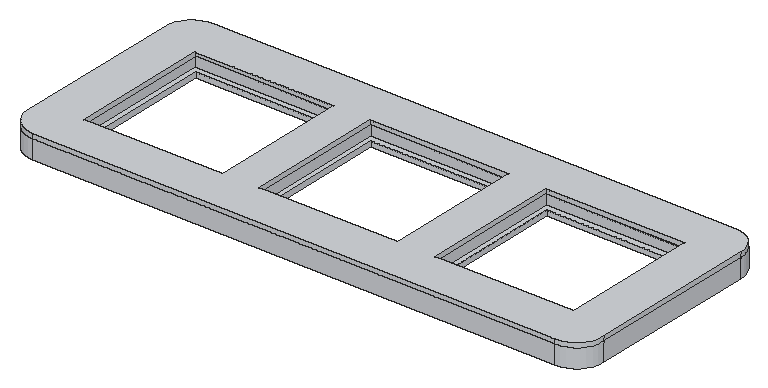
Revit family "Gira_0213423", category Electrical Fixtures, host Face, Revit 2017
Family settings
  Host = Face
  Maintain Annotation Orientation = No
  Round Connector Dimension = Use Diameter
  Part Type = Normal
  Cut with Voids When Loaded = No
  Shared = No
  Room Calculation Point = No
Parameters (values of type "Cov.fr. 3-g Gira E3 dark grey/anthra.")
  URL = "http://katalog.gira.de/en/datenblatt.html?artikelnr=0213423"
  Transparent = "No"
  Name = "Cov.fr. 3-g Gira E3 dark grey/anthra."
  Manufacturer URL = "https://www.gira.de/"
  Manufacturer = "Gira"
  Keynote = ""
  HeinzeBIM = "https://bimportal.heinze.de/bim/cov-fr-3-g-gira-e3-dark-grey-anthra-/2f644e6c01ad65be4599ca84e80068bd767843a5"
  HAN = "0213423"
  GTIN = "4010337024101"
  Description = "Cov.fr.3g E3 DgyAn,Gira E3 cover frame,dark grey soft touch with anthracite intermediate frame,3-gang,Features:,- Shatter-proof.,,Notes :,- Soft-touch surface,- NCS value: approx. NCS S 7000-N"
  Default Elevation = 1219.2 mm
  Data sheet (1) = "https://katalog.gira.de/en/download.html?artikelnr=0213423"
  Category = "Cover frame for domestic switching devices"
  BIM (1) = "https://media.stage.bim.site/public/gira/36a6b08/E3_Rahmen_3fach.rfa"
  Available = "No"
Reference planes
  plane 1 "Center (Front/Back)": y = 0
  plane 2: z = 0
  plane 3 "Center (Left/Right)": x = 0
Forms (mm)
  Extrusion 1, solid, detail levels fine
    sketch origin (0, 0, 0) x (1, 0, 0) y (0, 1, 0)
      loop
        arc (-106.1, 45.809) -> (-113.884, 42.585) -> (-117.109, 34.8) r 11.009
        line (-117.109, 34.8) -> (-117.109, -34.8)
        arc (-117.109, -34.8) -> (-113.884, -42.585) -> (-106.1, -45.809) r 11.009
        line (-106.1, -45.809) -> (106.1, -45.809)
        arc (106.1, -45.809) -> (113.884, -42.585) -> (117.109, -34.8) r 11.009
        line (117.109, -34.8) -> (117.109, 34.8)
        arc (117.109, 34.8) -> (113.884, 42.585) -> (106.1, 45.809) r 11.009
        line (106.1, 45.809) -> (-106.1, 45.809)
      loop
        line (-43.2, 28.187) -> (-99.456, 28.187) -> (-99.456, -28.187) -> (-43.2, -28.187) -> (-43.2, 28.187)
      loop
        line (-28.3, 28.187) -> (-28.3, -28.187) -> (27.956, -28.187) -> (27.956, 28.187) -> (-28.3, 28.187)
      loop
        line (43.2, 28.187) -> (43.2, -28.187) -> (99.456, -28.187) -> (99.456, 28.187) -> (43.2, 28.187)
    from 7.65 to 9.5
  Extrusion 2, solid, detail levels fine
    sketch origin (-71.5, 0, 0) x (1, 0, 0) y (0, 1, 0)
      loop
        line (26.1, 25.7) -> (-25.7, 25.7) -> (-25.7, -25.7) -> (26.1, -25.7) -> (26.1, 25.7)
      loop
        line (-28.187, -28.156) -> (28.187, -28.156) -> (28.187, 28.156) -> (-28.187, 28.156) -> (-28.187, -28.156)
    from 1.65 to 3.9
  Extrusion 3, solid, detail levels fine
    sketch origin (0, 0, 0) x (1, 0, 0) y (0, 1, 0)
      loop
        arc (-106.1, 45.809) -> (-113.884, 42.585) -> (-117.109, 34.8) r 11.009
        line (-117.109, 34.8) -> (-117.109, -34.8)
        arc (-117.109, -34.8) -> (-113.884, -42.585) -> (-106.1, -45.809) r 11.009
        line (-106.1, -45.809) -> (106.1, -45.809)
        arc (106.1, -45.809) -> (113.884, -42.585) -> (117.109, -34.8) r 11.009
        line (117.109, -34.8) -> (117.109, 34.8)
        arc (117.109, 34.8) -> (113.884, 42.585) -> (106.1, 45.809) r 11.009
        line (106.1, 45.809) -> (-106.1, 45.809)
      loop
        line (-115.143, 34.785) -> (-115.143, -34.785)
        arc (-115.143, -34.785) -> (-112.49, -41.19) -> (-106.084, -43.843) r 9.058
        line (-106.084, -43.843) -> (106.084, -43.843)
        arc (106.084, -43.843) -> (112.49, -41.19) -> (115.143, -34.785) r 9.058
        line (115.143, -34.785) -> (115.143, 34.785)
        arc (115.143, 34.785) -> (112.49, 41.19) -> (106.084, 43.843) r 9.058
        line (106.084, 43.843) -> (-106.084, 43.843)
        arc (-106.084, 43.843) -> (-112.49, 41.19) -> (-115.143, 34.785) r 9.058
    from 0 to 7.65
  Extrusion 4, solid, detail levels fine
    sketch origin (-35.75, 0, 0) x (1, 0, 0) y (0, 1, 0)
      loop
        line (-62.956, -31.075) -> (62.956, -31.075)
        arc (62.956, -31.075) -> (65.599, -29.98) -> (66.694, -27.337) r 3.739
        line (66.694, -27.337) -> (66.694, 27.337)
        arc (66.694, 27.337) -> (65.599, 29.98) -> (62.956, 31.075) r 3.739
        line (62.956, 31.075) -> (-62.956, 31.075)
        arc (-62.956, 31.075) -> (-65.599, 29.98) -> (-66.694, 27.337) r 3.739
        line (-66.694, 27.337) -> (-66.694, -27.337)
        arc (-66.694, -27.337) -> (-65.599, -29.98) -> (-62.956, -31.075) r 3.739
      loop
        line (-65.544, 27.537) -> (-65.544, -27.537)
        arc (-65.544, -27.537) -> (-64.845, -29.226) -> (-63.156, -29.925) r 2.389
        line (-63.156, -29.925) -> (63.156, -29.925)
        arc (63.156, -29.925) -> (64.845, -29.226) -> (65.544, -27.537) r 2.389
        line (65.544, -27.537) -> (65.544, 27.537)
        arc (65.544, 27.537) -> (64.845, 29.226) -> (63.156, 29.925) r 2.389
        line (63.156, 29.925) -> (-63.156, 29.925)
        arc (-63.156, 29.925) -> (-64.845, 29.226) -> (-65.544, 27.537) r 2.389
    from 1.65 to 7.65
  Extrusion 5, solid, detail levels fine
    sketch origin (0, 0, 0) x (1, 0, 0) y (0, 1, 0)
      loop
        line (-103.367, -39.8) -> (103.368, -39.8)
        arc (103.368, -39.8) -> (108.982, -36.708) -> (111.215, -30.7) r 9.2
        line (111.215, -30.7) -> (111.215, 30.7)
        arc (111.215, 30.7) -> (108.52, 37.205) -> (102.015, 39.9) r 9.2
        line (102.015, 39.9) -> (-102.014, 39.9)
        arc (-102.014, 39.9) -> (-108.52, 37.205) -> (-111.214, 30.7) r 9.2
        line (-111.214, 30.7) -> (-111.214, -30.7)
        arc (-111.214, -30.7) -> (-108.982, -36.708) -> (-103.367, -39.8) r 9.2
      loop
        line (-102.014, -31.7) -> (102.015, -31.7)
        arc (102.015, -31.7) -> (102.722, -31.407) -> (103.015, -30.7) r 1
        line (103.015, -30.7) -> (103.015, 30.7)
        arc (103.015, 30.7) -> (102.722, 31.407) -> (102.015, 31.7) r 1
        line (102.015, 31.7) -> (-102.014, 31.7)
        arc (-102.014, 31.7) -> (-102.721, 31.407) -> (-103.014, 30.7) r 1
        line (-103.014, 30.7) -> (-103.014, -30.7)
        arc (-103.014, -30.7) -> (-102.721, -31.407) -> (-102.014, -31.7) r 1
    from 1.65 to 3.9
  Extrusion 6, solid, detail levels fine
    sketch origin (-71.5, 0, 0) x (1, 0, 0) y (0, 1, 0)
      loop
        line (-28.187, 28.156) -> (-28.187, -28.156) -> (28.187, -28.156) -> (28.187, 28.156) -> (-28.187, 28.156)
      loop
        line (-29.925, 29.925) -> (-29.925, -29.925) -> (29.925, -29.925) -> (29.925, 29.925) -> (-29.925, 29.925)
    from 1.65 to 7.65
  Extrusion 7, solid, detail levels coarse+medium
    sketch origin (0, 0, 0) x (1, 0, 0) y (0, 1, 0)
      loop
        line (-117.109, 45.809) -> (-117.109, -45.809) -> (117.109, -45.809) -> (117.109, 45.809) -> (-117.109, 45.809)
    from 0 to 9.5
  Extrusion 8, solid, detail levels fine
    sketch origin (0, 0, 0) x (-1, 0, 0) y (0, -1, 0)
      loop
        line (25.9, -25.7) -> (25.9, 25.7) -> (-25.9, 25.7) -> (-25.9, -25.7) -> (25.9, -25.7)
      loop
        line (-28.187, 28.156) -> (-28.187, -28.156) -> (28.187, -28.156) -> (28.187, 28.156) -> (-28.187, 28.156)
    from 1.65 to 3.9
  Extrusion 9, solid, detail levels fine
    sketch origin (0, 0, 0) x (-1, 0, 0) y (0, -1, 0)
      loop
        line (-28.187, -28.156) -> (28.187, -28.156) -> (28.187, 28.156) -> (-28.187, 28.156) -> (-28.187, -28.156)
      loop
        line (-29.925, -29.925) -> (29.925, -29.925) -> (29.925, 29.925) -> (-29.925, 29.925) -> (-29.925, -29.925)
    from 1.65 to 7.65
  Extrusion 10, solid, detail levels fine
    sketch origin (71.5, 0, 0) x (-1, 0, 0) y (0, -1, 0)
      loop
        line (26.1, -25.7) -> (26.1, 25.7) -> (-25.7, 25.7) -> (-25.7, -25.7) -> (26.1, -25.7)
      loop
        line (-28.187, 28.156) -> (-28.187, -28.156) -> (28.187, -28.156) -> (28.187, 28.156) -> (-28.187, 28.156)
    from 1.65 to 3.9
  Extrusion 11, solid, detail levels fine
    sketch origin (71.5, 0, 0) x (-1, 0, 0) y (0, -1, 0)
      loop
        line (-28.187, -28.156) -> (28.187, -28.156) -> (28.187, 28.156) -> (-28.187, 28.156) -> (-28.187, -28.156)
      loop
        line (-29.925, -29.925) -> (29.925, -29.925) -> (29.925, 29.925) -> (-29.925, 29.925) -> (-29.925, -29.925)
    from 1.65 to 7.65
Dimensions and locks
  aligned and locked: plane 2 to host face
  aligned and locked: level to host face
